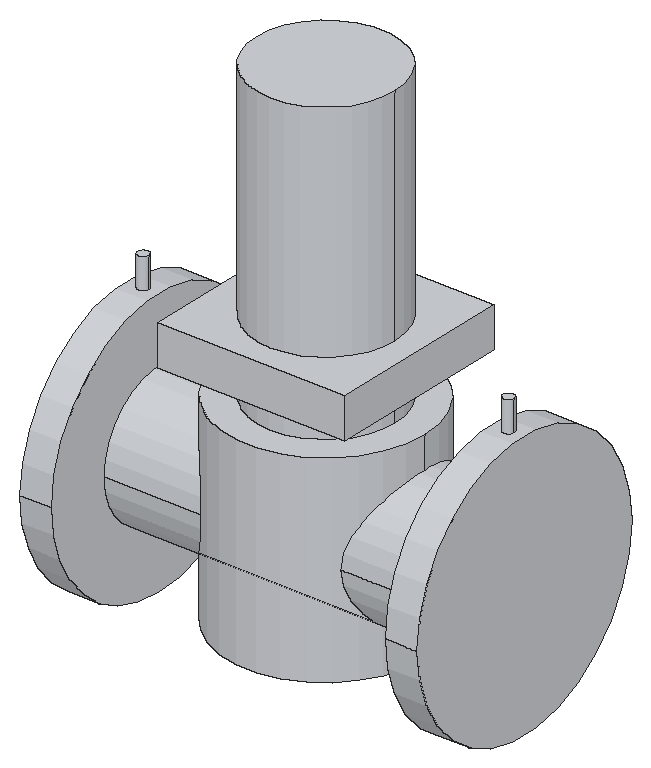
Revit family "PV_Compact_PN16_DN125_(90-350kPa)_RFA_2019", category Pipe Accessories, Revit 2019
Family settings
  Round Connector Dimension = Use Diameter
  Part Type = Valve - Breaks Into
  Work Plane-Based = No
  Always vertical = Yes
  Cut with Voids When Loaded = No
  Shared = No
Parameters (values of type "PV Compact PN16 DN125 (90-350kPa)")
  magiProductId = "b03890f2a0d24210acc7aed5971b3a"
  magiProductFamilyId = "702e6e0aa49e4742ba9b7167dc79b1"
  magiPartTypeId = 304
  isMeasuringValve [instance] = no
  ang2D [instance] = 0.00°
  W2D = 125 mm
  VersionID = "2.0/2018.12.13.2/FRESE_PV_COMPACT_BIG_Q13_001"
  Use Minimum Symbol Size [instance] = no
  URL = "www.hydronic.cz"
  Type Comments = "PŘÍRUBOVÝ; PN16; dpmax=1000kPa; -10~+120°C"
  R4 = 70 mm
  R3 = 70.2 mm
  R1 = 100 mm
  QmdConnectorList = "301;D;302;D"
  Productdata [instance] = ""
  Manufacturer = "Hydronic Systems Prague s.r.o."
  Maintenance Zone Under Depth [instance] = 100 mm
  Maintenance Zone Right Depth [instance] = 100 mm
  Maintenance Zone Over Depth [instance] = 100 mm
  Maintenance Zone Left Depth [instance] = 100 mm
  Maintenance Zone Front Depth [instance] = 100 mm
  Maintenance Zone Back Depth [instance] = 100 mm
  Maintenance Zone Front Visibility [instance] = no
  MC Use Limits From Balancing Method = no
  MC Throttling Minimum Value = 0
  MC Throttling Maximum Value = 0
  MC Product Code = "53-3313 DN125 PN16; nastavitelný rozsah dp=90~350kPa; Q=40,3~161 m3/h;  kvs=170"
  MC Pressure Drop Minimum Value = 0.0 Pa
  MC Pressure Drop Maximum Value = 0.0 Pa
  MC Piping Given Pressure Drop [instance] = 0.0 Pa
  LF__ve = -LF  # -32 mm
  LF2 = 16 mm
  LF = 32 mm
  L4 = 188 mm
  L3 = 336 mm
  L2D_Min = 30.48 mm
  L2D = 400 mm
  L2 = 200 mm
  H6 = 225.5 mm
  H4 = 40.5 mm
  H3 = 33.75 mm
  H2 = 101.25 mm
  H1 = 202.5 mm
  Description = "Nastavitelný regulátor tlakové diference"
  DF2 = 135 mm
  D = 125 mm
  Clearance Zone Height Depth [instance] = 100 mm
  Clearance Zone Circular Radius [instance] = 200 mm
  Clearance Zone Visibility [instance] = no
  CAT0 = yes
Types (3, lengths in mm): name | magiProductId | Type Comments | R4 | R3 | R1 | MC Product Code | LF__ve | LF2 | LF | L4 | L3 | L2 | H6 | H4 | H3 | H2 | H1 | DF2 | D | Clearance Zone Circular Radius
  PV Compact PN16 DN125 (90-350kPa) | "b03890f2a0d24210acc7aed5971b3a" | "PŘÍRUBOVÝ; PN16; dpmax=1000kPa; -10~+120°C" | 70 | 70.2 | 100 | "53-3313 DN125 PN16; nastavitelný rozsah dp=90~350kPa; Q=40,3~161 m3/h;  kvs=170" | -32 | 16 | 32 | 188 | 336 | 200 | 225.5 | 40.5 | 33.75 | 101.25 | 202.5 | 135 | 125 | 200
  PV Compact PN16 DN150 (90-350kPa) | "05be4e71780741e6bc35f05414b0ce" | "PŘÍRUBOVÝ; PN16; dpmax=1000kPa; -10~+120°C" | 84 | 74.1 | 120 | "53-3316 DN150 PN16; nastavitelný rozsah dp=90~350kPa; Q=59,3~237 m3/h;  kvs=250" | -38.4 | 19.2 | 38.4 | 225.6 | 403.2 | 240 | 256.25 | 42.75 | 35.625 | 106.875 | 213.75 | 142.5 | 150 | 240
  PV Compact PN16 DN200 (90-350kPa) | "d4da5ac8261147a98be9f2bfe38293" | "PŘÍRUBOVÝ; PN16; dpmax=1000kPa; -10~+110°C" | 105 | 98.8 | 150 | "53-3319 DN200 PN16; nastavitelný rozsah dp=90~350kPa; Q=65,2~261 m3/h;  kvs=275" | -48 | 24 | 48 | 282 | 504 | 300 | 150 | 57 | 47.5 | 142.5 | 285 | 190 | 200 | 300
Reference planes
  plane 1 "Center (Front/Back)": y = 0
  plane 2 "XYPLANE": z = 0
  plane 3 "Center (Left/Right)": x = 0
  plane 4 "257": y = -135
  plane 5 "256": y = 135
  plane 6 "255": z = -135
  plane 7 "254": y = -235
  plane 8 "253": y = 235
  plane 9 "252": x = -300
  plane 10 "251": x = 300
  plane 11 "250": z = 501
  plane 12 "249": z = -235
  plane 13 "248": z = 501
  plane 14 "247": z = 401
  plane 15 "157": x = 184
  plane 16 "156": x = -184
  plane 17 "155": z = 135
  plane 18 "154": z = 175.5
  plane 19 "153": z = 135
  plane 20 "152": z = 101.25
  plane 21 "151": x = -168
  plane 22 "150": z = -101.25
  plane 23 "149": x = 0
  plane 24 "148": y = 0
  plane 25 "147": z = 0
  plane 26 "146": x = -200
  plane 27 "145": x = 200
Forms (mm)
  Blend 1, solid, visible <- "Maintenance Zone Front Visibility"
    base sketch origin (-750, 0, -235) x (1, 0, 0) y (0, 1, 0)
      loop
        line (450, 235) -> (450, -235) -> (1050, -235) -> (1050, 235) -> (450, 235)
    top sketch origin (-750, 0, -235) x (1, 0, 0) y (0, 1, 0)
      loop
        line (450, 235) -> (450, -235) -> (1050, -235) -> (1050, 235) -> (450, 235)
    from 0 to 736
  Blend 2, solid, visible <- "Clearance Zone Visibility"
    base sketch origin (-750, 0, 0) x (1, 0, 0) y (0, 1, 0)
      loop
        circle (750, 0) r 200
    top sketch origin (-750, 0, 0) x (1, 0, 0) y (0, 1, 0)
      loop
        circle (750, 0) r 200
    from 0 to 501
  Extrusion 3, solid, visible <- "CAT0"
    sketch origin (-750, 0, 135) x (1, 0, 0) y (0, 1, 0)
      loop
        circle (934, 0) r 5.5
    from 0 to 30
  Extrusion 4, solid, visible <- "CAT0"
    sketch origin (-750, 0, 135) x (1, 0, 0) y (0, 1, 0)
      loop
        circle (566, 0) r 5.5
    from 0 to 30
  Extrusion 5, solid
    sketch origin (-750, 0, 175.5) x (1, 0, 0) y (0, 1, 0)
      loop
        circle (750, 0) r 70
    from 0 to 225.5 <- "H6"
  Extrusion 6, solid, visible <- "CAT0"
    sketch origin (-750, 0, 135) x (1, 0, 0) y (0, 1, 0)
      loop
        line (844, 94) -> (656, 94) -> (656, -94) -> (844, -94) -> (844, 94)
    from 0 to 40.5 <- "H4"
  Extrusion 7, solid, visible <- "CAT0"
    sketch origin (-750, 0, 101.25) x (1, 0, 0) y (0, 1, 0)
      loop
        circle (750, 0) r 70
    from 0 to 33.75 <- "H3"
  Extrusion 8, solid, visible <- "CAT0"
    sketch origin (-168, -750, 0) x (0, 1, 0) y (0, 0, 1)
      loop
        circle (750, 0) r 70.2
    from 0 to 336 <- "L3"
  Extrusion 9, solid, visible <- "CAT0"
    sketch origin (-750, 0, -101.25) x (1, 0, 0) y (0, 1, 0)
      loop
        circle (750, 0) r 100
    from 0 to 202.5 <- "H1"
  Extrusion 10, solid, visible <- "CAT0"
    sketch origin (-200, -750, 0) x (0, 1, 0) y (0, 0, 1)
      loop
        circle (750, 0) r 135
    from 0 to 32 <- "LF"
  Extrusion 11, solid, visible <- "CAT0"
    sketch origin (200, -750, 0) x (0, 1, 0) y (0, 0, 1)
      loop
        circle (750, 0) r 135
    from 0 to -32 <- "LF__ve"
  Extrusion 12, solid, not visible
    sketch origin (-200, -750, 0) x (0, 1, 0) y (0, 0, 1)
      loop
        circle (750, 0) r 10
    from 0 to 10
  Extrusion 13, solid, not visible
    sketch origin (200, -750, 0) x (0, 1, 0) y (0, 0, 1)
      loop
        circle (750, 0) r 10
    from 0 to -10
Lines and regions (mm)
  reference lines, not visible
    curve 1: circle (2, 2, 0) r 1 normal (0, 0, 1)
  reference lines
    curve 2: circle (0, 0, 135) r 1 normal (0, 0, 1)
Dimensions and locks
  plane 1 "Center (Front/Back)" to curve 1 = 2 mm
  "DF2": plane 24 "148" to plane 4 "257"
  "DF2": plane 24 "148" to plane 5 "256"
  "DF2": plane 25 "147" to plane 6 "255"
  "Maintenance Zone Front Depth": plane 4 "257" to plane 7 "254"
  "Maintenance Zone Back Depth": plane 5 "256" to plane 8 "253"
  "Maintenance Zone Left Depth": plane 26 "146" to plane 9 "252"
  "Maintenance Zone Right Depth": plane 27 "145" to plane 10 "251"
  "Maintenance Zone Over Depth": plane 14 "247" to plane 11 "250"
  "Maintenance Zone Under Depth": plane 6 "255" to plane 12 "249"
  "Clearance Zone Height Depth": plane 14 "247" to plane 13 "248"
  "H6": plane 18 "154" to plane 14 "247"
  "LF2": plane 27 "145" to plane 15 "157"
  "LF2": plane 26 "146" to plane 16 "156"
  "DF2": plane 2 "XYPLANE" to plane 17 "155"
  "H4": plane 19 "153" to plane 18 "154"
  "H3": plane 20 "152" to plane 19 "153"
  "H1": plane 22 "150" to plane 20 "152"
  "LF": plane 26 "146" to plane 21 "151"
  "H2": plane 2 "XYPLANE" to plane 22 "150"
  locked: plane 3 "Center (Left/Right)" to plane 23 "149"
  locked: plane 1 "Center (Front/Back)" to plane 24 "148"
  locked: plane 2 "XYPLANE" to plane 25 "147"
  "L2": plane 3 "Center (Left/Right)" to plane 26 "146"
  "L2": plane 3 "Center (Left/Right)" to plane 27 "145"
  Blend 1 sketch curve to Blend 1 sketch curve = 0 mm  (x16)
  equal spacing: Extrusion 6 sketch curve, curve 2, Extrusion 6 sketch curve  (x2)
  "L4": Extrusion 6 sketch curve to Extrusion 6 sketch curve  (x2)
  Extrusion 6 sketch curve to Extrusion 6 sketch curve = 0 mm  (x8)
  "Clearance Zone Circular Radius": radius of Blend 2 sketch curve  (x2)
  "R4": radius of Extrusion 5 sketch curve
  "R4": radius of Extrusion 7 sketch curve
  "R3": radius of Extrusion 8 sketch curve
  "R1": radius of Extrusion 9 sketch curve
  "DF2": radius of Extrusion 10 sketch curve
  "DF2": radius of Extrusion 11 sketch curve
  aligned and locked: level to plane 2 "XYPLANE"
  aligned and locked: Blend 1 sketch curve to plane 8 "253"  (x2)
  aligned and locked: plane 9 "252" to Blend 1 sketch curve  (x4)
  aligned and locked: plane 10 "251" to Blend 1 sketch curve  (x4)
  aligned and locked: plane 8 "253" to Blend 1 sketch curve  (x2)
  aligned and locked: plane 7 "254" to Blend 1 sketch curve  (x4)
  aligned and locked: plane 11 "250" to Blend 1
  aligned and locked: plane 23 "149" to Blend 2 sketch curve  (x2)
  aligned and locked: plane 24 "148" to Blend 2 sketch curve  (x2)
  aligned and locked: plane 13 "248" to Blend 2
  aligned and locked: plane 15 "157" to Extrusion 3 sketch curve
  aligned and locked: plane 24 "148" to Extrusion 3 sketch curve
  aligned and locked: plane 16 "156" to Extrusion 4 sketch curve
  aligned and locked: plane 24 "148" to Extrusion 4 sketch curve
  aligned and locked: plane 23 "149" to Extrusion 5 sketch curve
  aligned and locked: plane 24 "148" to Extrusion 5 sketch curve
  aligned and locked: plane 23 "149" to curve 2
  aligned and locked: plane 24 "148" to curve 2
  aligned and locked: plane 23 "149" to Extrusion 7 sketch curve
  aligned and locked: plane 24 "148" to Extrusion 7 sketch curve
  aligned and locked: Extrusion 8 sketch curve to plane 24 "148"
  aligned and locked: plane 25 "147" to Extrusion 8 sketch curve
  aligned and locked: plane 23 "149" to Extrusion 9 sketch curve
  aligned and locked: plane 24 "148" to Extrusion 9 sketch curve
  aligned and locked: Extrusion 10 sketch curve to plane 24 "148"
  aligned and locked: plane 25 "147" to Extrusion 10 sketch curve
  aligned and locked: Extrusion 11 sketch curve to plane 24 "148"
  aligned and locked: plane 25 "147" to Extrusion 11 sketch curve
  aligned and locked: Extrusion 12 sketch curve to plane 24 "148"
  aligned and locked: plane 25 "147" to Extrusion 12 sketch curve
  aligned and locked: Extrusion 13 sketch curve to plane 24 "148"
  aligned and locked: plane 25 "147" to Extrusion 13 sketch curve
Automatic sketch dimensions
  Extrusion 3 sketch curve to Extrusion 3 sketch curve = 5.5 mm
  Extrusion 4 sketch curve to Extrusion 4 sketch curve = 5.5 mm
  plane 1 "Center (Front/Back)" to Extrusion 12 sketch curve = 10 mm
  plane 1 "Center (Front/Back)" to Extrusion 13 sketch curve = 10 mm
  plane 3 "Center (Left/Right)" to curve 1 = 2 mm
  plane 21 "151" to Extrusion 6 sketch curve = 74 mm
  plane 4 "257" to Extrusion 6 sketch curve = 41 mm
  radius of curve 2 = 1 mm
  radius of curve 1 = 1 mm
Connectors
  piping at (-200, 0, 0), diameter 125, driven by "D"
    settings: on Extrusion 12, index 1, connector inside diameter 609.6 mm, connector length 0 mm, flow factor 0, pipe flow 0.0 L/s, pressure drop 0.0 Pa, fitting loss kfactor 0, connector angle 0.00°, fixture units 0, engagement length 0 mm, angle of deflection 0.00°, flow configuration 0, flow direction 0, fitting loss method 0, system type 29, joint type 0, gender type 0, connector reference index 2, connector utility 0, adjustable connector no, is connector primary yes, connector description ""
  piping at (200, 0, 0), diameter 125, driven by "D"
    settings: on Extrusion 13, index 2, connector inside diameter 609.6 mm, connector length 0 mm, flow factor 0, pipe flow 0.0 L/s, pressure drop 0.0 Pa, fitting loss kfactor 0, connector angle 0.00°, fixture units 0, engagement length 0 mm, angle of deflection 0.00°, flow configuration 0, flow direction 0, fitting loss method 0, system type 29, joint type 0, gender type 0, connector reference index 1, connector utility 0, adjustable connector no, is connector primary no, connector description ""
